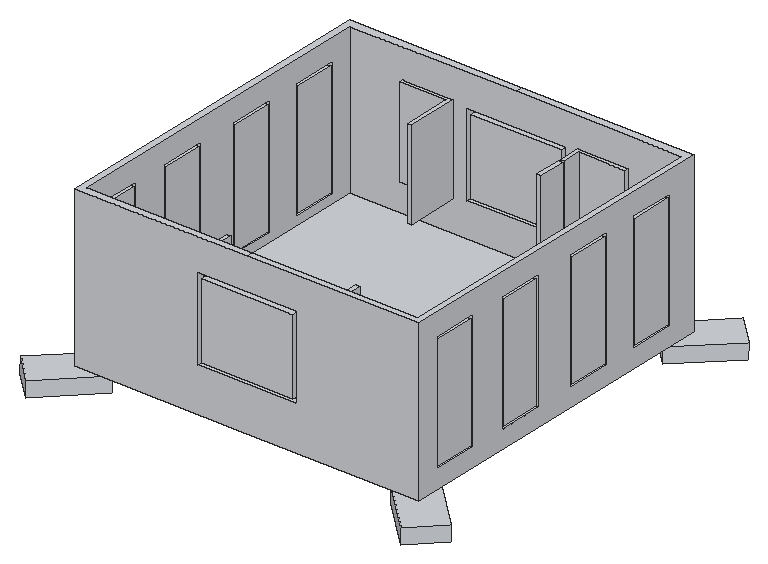
Revit family
Parameters
  Material ID = "760161661"
  Description = "KIT, 600 x 600 FLOOR BOX"
Reference planes (in)
  plane 1 "Center (Front/Back)": y = 0
  plane 2: z = 0
  plane 3 "Center (Left/Right)": x = 0
Forms (in)
  Extrusion 1, solid
    sketch origin (0, 0, 0) x (1, 0, 0) y (0, 0, 1)
      loop
        line (0, 0) -> (10.85, 0) -> (10.85, 10.043) -> (0, 10.043) -> (-10.85, 10.043) -> (-10.85, 0) -> (0, 0)
    from 0 to 21.7
  Extrusion 2, void
    sketch origin (-10.85, 0, 10.043) x (0, 1, 0) y (1, 0, 0)
      loop
        line (-0.5, 0.39988) -> (-0.5, 21.35) -> (-21.30552, 21.35) -> (-21.30552, 0.39988) -> (-0.5, 0.39988)
    from 0 to 9.433
  Extrusion 3, solid
    sketch origin (-10.85, 0, 10.043) x (1, 0, 0) y (0, 1, 0)
      loop
        line (6.89988, -21.30552) -> (6.89988, -18.05552) -> (6.64988, -18.05552) -> (6.64988, -21.05552) -> (3.73853, -21.05552) -> (3.73853, -21.30552) -> (6.89988, -21.30552)
    from -1.86943 to -7.49544
  Extrusion 4, solid
    sketch origin (10.85, 0, 10.043) x (-1, 0, 0) y (0, -1, 0)
      loop
        line (6.89988, 21.30552) -> (3.73853, 21.30552) -> (3.73853, 21.05552) -> (6.64988, 21.05552) -> (6.64988, 18.05552) -> (6.89988, 18.05552) -> (6.89988, 21.30552)
    from -1.86943 to -7.49544
  Extrusion 5, solid
    sketch origin (-10.85, -21.80552, 0.67813) x (0, -1, 0) y (-1, 0, 0)
      loop
        line (-21.30552, -6.89988) -> (-18.05552, -6.89988) -> (-18.05552, -6.64988) -> (-21.05552, -6.64988) -> (-21.05552, -3.73853) -> (-21.30552, -3.73853) -> (-21.30552, -6.89988)
    from -1.86943 to -7.49544
  Extrusion 6, solid
    sketch origin (10.85, -21.80552, 0.67813) x (0, 1, 0) y (1, 0, 0)
      loop
        line (21.30552, -6.89988) -> (21.30552, -3.73853) -> (21.05552, -3.73853) -> (21.05552, -6.64988) -> (18.05552, -6.64988) -> (18.05552, -6.89988) -> (21.30552, -6.89988)
    from -1.86943 to -7.49544
  Extrusion 7, void
    sketch origin (0, 0, 0) x (1, 0, 0) y (0, 0, 1)
      loop
        line (-3.11119, 8.02246) -> (-3.11119, 2.77246) -> (3.13881, 2.77246) -> (3.13881, 8.02246) -> (-3.11119, 8.02246)
      loop
        line (-2.83643, 7.72807) -> (-2.83643, 2.97807) -> (2.91357, 2.97807) -> (2.91357, 7.72807) -> (-2.83643, 7.72807)
    from -2.85707 to 27.93967
  Extrusion 8, void
    sketch origin (0, 0, 0) x (0, 1, 0) y (0, 0, 1)
      loop
        line (-20.31882, 8.67789) -> (-20.31882, 1.17789) -> (-17.40247, 1.17789) -> (-17.40247, 8.67789) -> (-20.31882, 8.67789)
      loop
        line (-20.16439, 8.48462) -> (-20.16439, 1.31224) -> (-17.57164, 1.31224) -> (-17.57164, 8.48462) -> (-20.16439, 8.48462)
      loop
        line (-15.18605, 8.67789) -> (-15.18605, 1.17789) -> (-12.2697, 1.17789) -> (-12.2697, 8.67789) -> (-15.18605, 8.67789)
      loop
        line (-15.03162, 8.48462) -> (-15.03162, 1.31224) -> (-12.43887, 1.31224) -> (-12.43887, 8.48462) -> (-15.03162, 8.48462)
      loop
        line (-9.77661, 8.67789) -> (-9.77661, 1.17789) -> (-6.86026, 1.17789) -> (-6.86026, 8.67789) -> (-9.77661, 8.67789)
      loop
        line (-9.62218, 8.48462) -> (-9.62218, 1.31224) -> (-7.02943, 1.31224) -> (-7.02943, 8.48462) -> (-9.62218, 8.48462)
      loop
        line (-4.80271, 8.67789) -> (-4.80271, 1.17789) -> (-1.88635, 1.17789) -> (-1.88635, 8.67789) -> (-4.80271, 8.67789)
      loop
        line (-4.64828, 8.48462) -> (-4.64828, 1.31224) -> (-2.05552, 1.31224) -> (-2.05552, 8.48462) -> (-4.64828, 8.48462)
    from -15.43574 to 13.40607
  Extrusion 9, solid
    sketch origin (0, 0, 0) x (0, 1, 0) y (1, 0, 0)
      loop
        line (-19.60164, -10.58206) -> (-21.36941, -8.81429) -> (-24.37461, -11.8195) -> (-22.60684, -13.58726) -> (-19.60164, -10.58206)
    from 0 to 0.96965
  Extrusion 10, solid
    sketch origin (0, 0, 0) x (0, -1, 0) y (-1, 0, 0)
      loop
        line (19.60164, -10.58206) -> (22.60684, -13.58726) -> (24.37461, -11.8195) -> (21.36941, -8.81429) -> (19.60164, -10.58206)
    from 0 to 0.96965
  Extrusion 11, solid
    sketch origin (0, -21.72625, -0.96965) x (1, 0, 0) y (0, 1, 0)
      loop
        line (10.58206, 19.60164) -> (13.58726, 22.60684) -> (11.8195, 24.37461) -> (8.81429, 21.36941) -> (10.58206, 19.60164)
    from 0 to 0.96965
  Extrusion 12, solid
    sketch origin (0, 0, 0) x (0, -1, 0) y (-1, 0, 0)
      loop
        line (19.60164, -10.58206) -> (22.60684, -13.58726) -> (24.37461, -11.8195) -> (21.36941, -8.81429) -> (19.60164, -10.58206)
    from 0 to 0.96965
  Extrusion 13, solid
    sketch origin (0, -21.72625, -0.96965) x (-1, 0, 0) y (0, -1, 0)
      loop
        line (10.58206, -19.60164) -> (8.81429, -21.36941) -> (11.8195, -24.37461) -> (13.58726, -22.60684) -> (10.58206, -19.60164)
    from 0 to 0.96965
Cuts and joins
  Extrusion 2, Extrusion 7, Extrusion 8 cuts Extrusion 1
  Extrusion 8 cuts Extrusion 4
  Extrusion 8 cuts Extrusion 6
